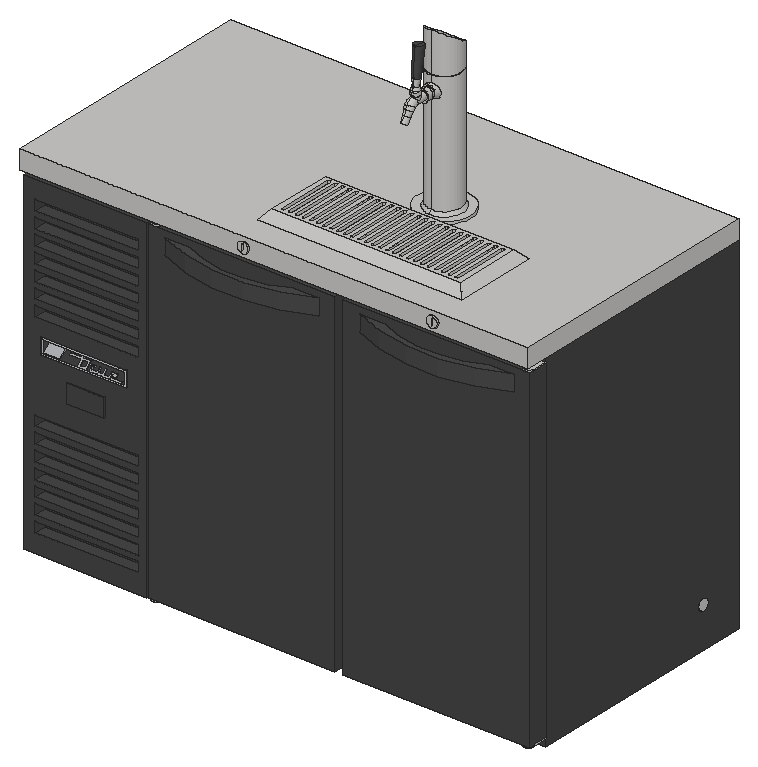
Revit family "QF_TRUE_TDR48-RISZ1-L-B-SS-1", category Specialty Equipment, Revit 2016 (continued)
Definition of nested family "TDR48-RISZ1-L-B-SS-1"
  Lines and regions (in)
    symbolic lines
      curve 141: arc (36.38847, -20.907, 0) -> (36.2166, -21.07887, 0) -> (36.04472, -20.907, 0) r 0.17187
      curve 142: line (36.70097, -20.907, 0) -> (36.70097, -15.64166, 0)
      curve 143: arc (36.70097, -15.64166, 0) -> (36.87285, -15.46978, 0) -> (37.04472, -15.64166, 0) r 0.17187
      curve 144: line (37.04472, -15.64166, 0) -> (37.04472, -20.907, 0)
      curve 145: arc (37.04472, -20.907, 0) -> (36.87285, -21.07887, 0) -> (36.70097, -20.907, 0) r 0.17187
      curve 146: line (37.70097, -15.64166, 0) -> (37.70097, -20.907, 0)
      curve 147: arc (37.70097, -20.907, 0) -> (37.5291, -21.07887, 0) -> (37.35722, -20.907, 0) r 0.17187
      curve 148: line (37.35722, -20.907, 0) -> (37.35722, -15.64166, 0)
      curve 149: arc (37.35722, -15.64166, 0) -> (37.5291, -15.46978, 0) -> (37.70097, -15.64166, 0) r 0.17187
      curve 150: line (38.01347, -15.64166, 0) -> (38.01347, -20.907, 0)
      curve 151: arc (38.01347, -20.907, 0) -> (38.18535, -21.07887, 0) -> (38.35722, -20.907, 0) r 0.17187
      curve 152: line (38.35722, -20.907, 0) -> (38.35722, -15.64166, 0)
      curve 153: arc (38.35722, -15.64166, 0) -> (38.18535, -15.46978, 0) -> (38.01347, -15.64166, 0) r 0.17187
      curve 154: line (20.34983, -22.2153, 0) -> (39.65017, -22.2153, 0)
      curve 297: line (29.61004, -14.80115, 0) -> (29.61004, -15.01934, 0)
      curve 298: line (30.38996, -14.80115, 0) -> (30.38996, -15.01934, 0)
    symbolic lines, not visible
      curve 155: circle (20.96875, -12.11522, 0) r 1.55031 normal (0, 0, 1)
      curve 156: arc (21.61223, -13.73606, 0) -> (20.96875, -10.37132, 0) -> (20.32527, -13.73606, 0) r 1.7439
      curve 157: arc (21.5436, -14.54197, 0) -> (20.96875, -9.62132, 0) -> (20.3939, -14.54197, 0) r 2.4939
      curve 158: line (20.38021, -13.94112, 0) -> (21.55729, -13.94112, 0)
      curve 159: line (21.55729, -13.94112, 0) -> (21.67702, -13.49428, 0)
      curve 160: line (20.38021, -13.94112, 0) -> (20.26048, -13.49428, 0)
      curve 161: line (20.52237, -14.24379, 0) -> (20.52237, -13.94112, 0)
      curve 162: line (21.41513, -14.24379, 0) -> (21.41513, -13.94112, 0)
      curve 163: line (20.42011, -14.24379, 0) -> (21.51739, -14.24379, 0)
      curve 164: line (21.51739, -14.24379, 0) -> (21.55729, -14.69763, 0)
      curve 165: line (21.55729, -14.69763, 0) -> (20.38021, -14.69763, 0)
      curve 166: line (20.38021, -14.69763, 0) -> (20.42011, -14.24379, 0)
      curve 167: circle (20.96875, -15.14453, 0) r 0.45209 normal (0, 0, 1)
      curve 168: line (20.57246, -15.54083, 0) -> (20.57246, -16.26395, 0)
      curve 169: line (21.36504, -15.54083, 0) -> (21.36504, -16.26395, 0)
      curve 170: arc (20.57246, -16.26395, 0) -> (20.96875, -16.66024, 0) -> (21.36504, -16.26395, 0) r 0.39629
      curve 171: arc (20.66949, -16.52374, 0) -> (20.96875, -16.823, 0) -> (21.26801, -16.52374, 0) r 0.29926
      curve 172: line (20.68604, -16.82069, 0) -> (20.68604, -16.6219, 0)
      curve 173: line (21.25146, -16.82069, 0) -> (21.25146, -16.6219, 0)
      curve 174: arc (21.25146, -16.82069, 0) -> (20.96875, -17.10339, 0) -> (20.68604, -16.82069, 0) r 0.28271
      curve 175: arc (21.3439, -15.41312, 0) -> (20.96875, -15.93712, 0) -> (20.5936, -15.41312, 0) r 0.39629
      curve 176: line (20.65805, -15.55736, 0) -> (20.556, -15.32898, 0)
      curve 177: line (21.27945, -15.55736, 0) -> (21.3815, -15.32898, 0)
      curve 178: arc (21.27945, -15.55736, 0) -> (20.96875, -15.75883, 0) -> (20.65805, -15.55736, 0) r 0.34031
      curve 179: line (11.31858, -22.11177, 0) -> (11.31858, -14.26103, 0)
      curve 180: line (11.31858, -14.26103, 0) -> (19.69789, -14.26103, 0)
      curve 181: line (30.61892, -22.11177, 0) -> (30.61892, -14.26103, 0)
      curve 182: line (30.61892, -14.26103, 0) -> (22.23961, -14.26103, 0)
      curve 183: line (29.86892, -15.01103, 0) -> (29.86892, -21.36177, 0)
      curve 184: line (29.86892, -21.36177, 0) -> (12.06858, -21.36177, 0)
      curve 185: line (12.06858, -21.36177, 0) -> (12.06858, -15.01103, 0)
      curve 186: line (12.06858, -15.01103, 0) -> (20.53682, -15.01103, 0)
      curve 187: line (29.86892, -15.01103, 0) -> (21.40068, -15.01103, 0)
      curve 188: line (12.06858, -15.01103, 0) -> (11.31858, -14.26103, 0)
      curve 189: line (29.86892, -15.01103, 0) -> (30.61892, -14.26103, 0)
      curve 190: line (29.86892, -21.36177, 0) -> (30.61892, -22.11177, 0)
      curve 191: line (12.06858, -21.36177, 0) -> (11.31858, -22.11177, 0)
      curve 192: line (12.91972, -15.53813, 0) -> (12.91972, -20.80347, 0)
      curve 193: arc (12.91972, -20.80347, 0) -> (12.74785, -20.97534, 0) -> (12.57597, -20.80347, 0) r 0.17187
      curve 194: line (12.57597, -20.80347, 0) -> (12.57597, -15.53813, 0)
      curve 195: arc (12.57597, -15.53813, 0) -> (12.74785, -15.36625, 0) -> (12.91972, -15.53813, 0) r 0.17187
      curve 196: line (13.23222, -15.53813, 0) -> (13.23222, -20.80347, 0)
      curve 197: arc (13.23222, -20.80347, 0) -> (13.4041, -20.97534, 0) -> (13.57597, -20.80347, 0) r 0.17187
      curve 198: line (13.57597, -20.80347, 0) -> (13.57597, -15.53813, 0)
      curve 199: arc (13.57597, -15.53813, 0) -> (13.4041, -15.36625, 0) -> (13.23222, -15.53813, 0) r 0.17187
      curve 200: line (13.88847, -20.80347, 0) -> (13.88847, -15.53813, 0)
      curve 201: arc (13.88847, -15.53813, 0) -> (14.06035, -15.36625, 0) -> (14.23222, -15.53813, 0) r 0.17187
      curve 202: line (14.23222, -15.53813, 0) -> (14.23222, -20.80347, 0)
      curve 203: arc (14.23222, -20.80347, 0) -> (14.06035, -20.97534, 0) -> (13.88847, -20.80347, 0) r 0.17187
      curve 204: line (14.54472, -20.80347, 0) -> (14.54472, -15.53813, 0)
      curve 205: arc (14.54472, -15.53813, 0) -> (14.7166, -15.36625, 0) -> (14.88847, -15.53813, 0) r 0.17187
      curve 206: line (14.88847, -15.53813, 0) -> (14.88847, -20.80347, 0)
      curve 207: arc (14.88847, -20.80347, 0) -> (14.7166, -20.97534, 0) -> (14.54472, -20.80347, 0) r 0.17187
      curve 208: line (15.20097, -20.80347, 0) -> (15.20097, -15.53813, 0)
      curve 209: arc (15.20097, -15.53813, 0) -> (15.37285, -15.36625, 0) -> (15.54472, -15.53813, 0) r 0.17187
      curve 210: line (15.54472, -15.53813, 0) -> (15.54472, -20.80347, 0)
      curve 211: arc (15.54472, -20.80347, 0) -> (15.37285, -20.97534, 0) -> (15.20097, -20.80347, 0) r 0.17187
      curve 212: line (15.85722, -20.80347, 0) -> (15.85722, -15.53813, 0)
      curve 213: arc (15.85722, -15.53813, 0) -> (16.0291, -15.36625, 0) -> (16.20097, -15.53813, 0) r 0.17187
      curve 214: line (16.20097, -15.53813, 0) -> (16.20097, -20.80347, 0)
      curve 215: arc (16.20097, -20.80347, 0) -> (16.0291, -20.97534, 0) -> (15.85722, -20.80347, 0) r 0.17187
      curve 216: line (16.85722, -15.53813, 0) -> (16.85722, -20.80347, 0)
      curve 217: arc (16.85722, -20.80347, 0) -> (16.68535, -20.97534, 0) -> (16.51347, -20.80347, 0) r 0.17187
      curve 218: line (16.51347, -20.80347, 0) -> (16.51347, -15.53813, 0)
      curve 219: arc (16.51347, -15.53813, 0) -> (16.68535, -15.36625, 0) -> (16.85722, -15.53813, 0) r 0.17187
      curve 220: line (17.16972, -15.53813, 0) -> (17.16972, -20.80347, 0)
      curve 221: arc (17.16972, -20.80347, 0) -> (17.3416, -20.97534, 0) -> (17.51347, -20.80347, 0) r 0.17187
      curve 222: line (17.51347, -20.80347, 0) -> (17.51347, -15.53813, 0)
      curve 223: arc (17.51347, -15.53813, 0) -> (17.3416, -15.36625, 0) -> (17.16972, -15.53813, 0) r 0.17187
      curve 224: line (17.82597, -20.80347, 0) -> (17.82597, -15.53813, 0)
      curve 225: arc (17.82597, -15.53813, 0) -> (17.99785, -15.36625, 0) -> (18.16972, -15.53813, 0) r 0.17187
      curve 226: line (18.16972, -15.53813, 0) -> (18.16972, -20.80347, 0)
      curve 227: arc (18.16972, -20.80347, 0) -> (17.99785, -20.97534, 0) -> (17.82597, -20.80347, 0) r 0.17187
      curve 228: line (18.48222, -20.80347, 0) -> (18.48222, -15.53813, 0)
      curve 229: arc (18.48222, -15.53813, 0) -> (18.6541, -15.36625, 0) -> (18.82597, -15.53813, 0) r 0.17187
      curve 230: line (18.82597, -15.53813, 0) -> (18.82597, -20.80347, 0)
      curve 231: arc (18.82597, -20.80347, 0) -> (18.6541, -20.97534, 0) -> (18.48222, -20.80347, 0) r 0.17187
      curve 232: line (19.13847, -20.80347, 0) -> (19.13847, -15.53813, 0)
      curve 233: arc (19.13847, -15.53813, 0) -> (19.31035, -15.36625, 0) -> (19.48222, -15.53813, 0) r 0.17187
      curve 234: line (19.48222, -15.53813, 0) -> (19.48222, -20.80347, 0)
      curve 235: arc (19.48222, -20.80347, 0) -> (19.31035, -20.97534, 0) -> (19.13847, -20.80347, 0) r 0.17187
      curve 236: line (19.79472, -20.80347, 0) -> (19.79472, -15.53813, 0)
      curve 237: arc (19.79472, -15.53813, 0) -> (19.9666, -15.36625, 0) -> (20.13847, -15.53813, 0) r 0.17187
      curve 238: line (20.13847, -15.53813, 0) -> (20.13847, -20.80347, 0)
      curve 239: arc (20.13847, -20.80347, 0) -> (19.9666, -20.97534, 0) -> (19.79472, -20.80347, 0) r 0.17187
      curve 240: line (20.79472, -17.04348, 0) -> (20.79472, -20.80347, 0)
      curve 241: arc (20.79472, -20.80347, 0) -> (20.62285, -20.97534, 0) -> (20.45097, -20.80347, 0) r 0.17187
      curve 242: line (20.45097, -20.80347, 0) -> (20.45097, -15.53813, 0)
      curve 243: arc (20.45097, -15.53813, 0) -> (20.48562, -15.43463, 0) -> (20.57561, -15.37287, 0) r 0.17187
      curve 244: line (21.10722, -17.06716, 0) -> (21.10722, -20.80347, 0)
      curve 245: arc (21.10722, -20.80347, 0) -> (21.2791, -20.97534, 0) -> (21.45097, -20.80347, 0) r 0.17187
      curve 246: line (21.45097, -20.80347, 0) -> (21.45097, -15.53813, 0)
      curve 247: arc (21.45097, -15.53813, 0) -> (21.42549, -15.44807, 0) -> (21.3566, -15.38472, 0) r 0.17187
      curve 248: line (21.76347, -20.80347, 0) -> (21.76347, -15.53813, 0)
      curve 249: arc (21.76347, -15.53813, 0) -> (21.93535, -15.36625, 0) -> (22.10722, -15.53813, 0) r 0.17187
      curve 250: line (22.10722, -15.53813, 0) -> (22.10722, -20.80347, 0)
      curve 251: arc (22.10722, -20.80347, 0) -> (21.93535, -20.97534, 0) -> (21.76347, -20.80347, 0) r 0.17187
      curve 252: line (22.41972, -20.80347, 0) -> (22.41972, -15.53813, 0)
      curve 253: arc (22.41972, -15.53813, 0) -> (22.5916, -15.36625, 0) -> (22.76347, -15.53813, 0) r 0.17187
      curve 254: line (22.76347, -15.53813, 0) -> (22.76347, -20.80347, 0)
      curve 255: arc (22.76347, -20.80347, 0) -> (22.5916, -20.97534, 0) -> (22.41972, -20.80347, 0) r 0.17187
      curve 256: line (23.07597, -20.80347, 0) -> (23.07597, -15.53813, 0)
      curve 257: arc (23.07597, -15.53813, 0) -> (23.24785, -15.36625, 0) -> (23.41972, -15.53813, 0) r 0.17187
      curve 258: line (23.41972, -15.53813, 0) -> (23.41972, -20.80347, 0)
      curve 259: arc (23.41972, -20.80347, 0) -> (23.24785, -20.97534, 0) -> (23.07597, -20.80347, 0) r 0.17187
      curve 260: line (23.73222, -20.80347, 0) -> (23.73222, -15.53813, 0)
      curve 261: arc (23.73222, -15.53813, 0) -> (23.9041, -15.36625, 0) -> (24.07597, -15.53813, 0) r 0.17187
      curve 262: line (24.07597, -15.53813, 0) -> (24.07597, -20.80347, 0)
      curve 263: arc (24.07597, -20.80347, 0) -> (23.9041, -20.97534, 0) -> (23.73222, -20.80347, 0) r 0.17187
      curve 264: line (24.73222, -15.53813, 0) -> (24.73222, -20.80347, 0)
      curve 265: arc (24.73222, -20.80347, 0) -> (24.56035, -20.97534, 0) -> (24.38847, -20.80347, 0) r 0.17187
      curve 266: line (24.38847, -20.80347, 0) -> (24.38847, -15.53813, 0)
      curve 267: arc (24.38847, -15.53813, 0) -> (24.56035, -15.36625, 0) -> (24.73222, -15.53813, 0) r 0.17187
      curve 268: line (25.04472, -15.53813, 0) -> (25.04472, -20.80347, 0)
      curve 269: arc (25.04472, -20.80347, 0) -> (25.2166, -20.97534, 0) -> (25.38847, -20.80347, 0) r 0.17187
      curve 270: line (25.38847, -20.80347, 0) -> (25.38847, -15.53813, 0)
      curve 271: arc (25.38847, -15.53813, 0) -> (25.2166, -15.36625, 0) -> (25.04472, -15.53813, 0) r 0.17187
      curve 272: line (25.70097, -20.80347, 0) -> (25.70097, -15.53813, 0)
      curve 273: arc (25.70097, -15.53813, 0) -> (25.87285, -15.36625, 0) -> (26.04472, -15.53813, 0) r 0.17187
      curve 274: line (26.04472, -15.53813, 0) -> (26.04472, -20.80347, 0)
      curve 275: arc (26.04472, -20.80347, 0) -> (25.87285, -20.97534, 0) -> (25.70097, -20.80347, 0) r 0.17187
      curve 276: line (26.35722, -20.80347, 0) -> (26.35722, -15.53813, 0)
      curve 277: arc (26.35722, -15.53813, 0) -> (26.5291, -15.36625, 0) -> (26.70097, -15.53813, 0) r 0.17187
      curve 278: line (26.70097, -15.53813, 0) -> (26.70097, -20.80347, 0)
      curve 279: arc (26.70097, -20.80347, 0) -> (26.5291, -20.97534, 0) -> (26.35722, -20.80347, 0) r 0.17187
      curve 280: line (27.01347, -20.80347, 0) -> (27.01347, -15.53813, 0)
      curve 281: arc (27.01347, -15.53813, 0) -> (27.18535, -15.36625, 0) -> (27.35722, -15.53813, 0) r 0.17187
      curve 282: line (27.35722, -15.53813, 0) -> (27.35722, -20.80347, 0)
      curve 283: arc (27.35722, -20.80347, 0) -> (27.18535, -20.97534, 0) -> (27.01347, -20.80347, 0) r 0.17187
      curve 284: line (27.66972, -20.80347, 0) -> (27.66972, -15.53813, 0)
      curve 285: arc (27.66972, -15.53813, 0) -> (27.8416, -15.36625, 0) -> (28.01347, -15.53813, 0) r 0.17187
      curve 286: line (28.01347, -15.53813, 0) -> (28.01347, -20.80347, 0)
      curve 287: arc (28.01347, -20.80347, 0) -> (27.8416, -20.97534, 0) -> (27.66972, -20.80347, 0) r 0.17187
      curve 288: line (28.66972, -15.53813, 0) -> (28.66972, -20.80347, 0)
      curve 289: arc (28.66972, -20.80347, 0) -> (28.49785, -20.97534, 0) -> (28.32597, -20.80347, 0) r 0.17187
      curve 290: line (28.32597, -20.80347, 0) -> (28.32597, -15.53813, 0)
      curve 291: arc (28.32597, -15.53813, 0) -> (28.49785, -15.36625, 0) -> (28.66972, -15.53813, 0) r 0.17187
      curve 292: line (28.98222, -15.53813, 0) -> (28.98222, -20.80347, 0)
      curve 293: arc (28.98222, -20.80347, 0) -> (29.1541, -20.97534, 0) -> (29.32597, -20.80347, 0) r 0.17187
      curve 294: line (29.32597, -20.80347, 0) -> (29.32597, -15.53813, 0)
      curve 295: arc (29.32597, -15.53813, 0) -> (29.1541, -15.36625, 0) -> (28.98222, -15.53813, 0) r 0.17187
      curve 296: line (11.31858, -22.11177, 0) -> (30.61892, -22.11177, 0)
      curve 299: line (20.57879, -14.69763, 0) -> (20.57879, -14.91581, 0)
      curve 300: line (21.35871, -14.69763, 0) -> (21.35871, -14.91581, 0)
  Dimensions and locks (in)
    equal spacing: plane 3 "LEFT", plane 7 "Center Y", plane 4 "RIGHT"
    "Length": plane 3 "LEFT" to plane 4 "RIGHT"
    equal spacing: plane 5 "FRONT", plane 8 "Center X", plane 1 "BACK"
    "Depth": plane 5 "FRONT" to plane 1 "BACK"
    "Height": plane 6 "TOP" to level
    plane 3 "LEFT" to plane 4 "RIGHT" = 48"
    plane 6 "TOP" to plane 9 = 1 3/4"
    plane 10 to plane 2 = 25/32"
    plane 11 to plane 10 = 31 11/16"
    plane 6 "TOP" to plane 11 = 2 7/32"
    plane 12 to plane 1 "BACK" = 41 19/32"
    plane 5 "FRONT" to plane 1 "BACK" = 26 3/8"
    plane 13 to plane 1 "BACK" = 24 27/32"
    Extrusion 4 to plane 1 "BACK" = 24 21/32"
    plane 14 to plane 1 "BACK" = 24 21/32"
    plane 3 "LEFT" to Extrusion 10 sketch curve = 16 3/4"
    Extrusion 10 sketch curve to plane 1 "BACK" = 4 31/32"
    Extrusion 10 sketch curve to plane 4 "RIGHT" = 7 3/4"
    Extrusion 10 sketch curve to plane 1 "BACK" = 4 11/32"
    Extrusion 11 sketch curve to plane 2 = 3 31/32"
    Extrusion 11 sketch curve to plane 1 "BACK" = 4 5/16"
    Extrusion 4 to Extrusion 4 = 11 19/32"
    plane 1 "BACK" to plane 13 = 24 27/32"
    Extrusion 16 sketch curve to plane 3 "LEFT" = 6"
    plane 2 to Extrusion 16 sketch curve = 18 1/2"
    plane 15 to plane 6 "TOP" = 15 3/4"
    aligned and locked: level to plane 2
  Automatic sketch dimensions
    Extrusion 1 sketch curve to plane 9 = 0"
    Extrusion 1 sketch curve to plane 13 = 0"
    Extrusion 1 sketch curve to plane 1 "BACK" = 0"
    Extrusion 1 sketch curve to plane 6 "TOP" = 0"
    Extrusion 2 sketch curve to level = 0"
    Extrusion 2 sketch curve to plane 3 "LEFT" = 0"
    Extrusion 2 sketch curve to plane 10 = 0"
    Extrusion 2 sketch curve to plane 11 = 0"
    plane 4 "RIGHT" to Extrusion 2 sketch curve = 0"
    Extrusion 2 sketch curve to plane 9 = 0"
    plane 3 "LEFT" to Extrusion 2 sketch curve = 12"
    plane 4 "RIGHT" to Extrusion 2 sketch curve = 1/8"
    Extrusion 3 sketch curve to Extrusion 2 = 0"  (x3)
    Extrusion 2 to Extrusion 3 sketch curve = 0"
    Extrusion 4 sketch curve to Extrusion 2 = 0"  (x2)
    Extrusion 4 sketch curve to Extrusion 2 = 13/64"  (x2)
    Extrusion 4 sketch curve to Extrusion 2 = 1.28286"  (x4)
    Extrusion 4 sketch curve to Extrusion 4 sketch curve = 0"  (x20)
    Extrusion 4 sketch curve to Extrusion 2 = 0.96714"  (x4)
    Extrusion 2 to Extrusion 4 sketch curve = 1.78584"
    Extrusion 4 sketch curve to Extrusion 4 sketch curve = 1"  (x14)
    Extrusion 4 sketch curve to Extrusion 4 sketch curve = 1/2"  (x12)
    Extrusion 4 sketch curve to Extrusion 4 sketch curve = 8 1/4"
    Extrusion 5 sketch curve to Extrusion 2 = 0"  (x6)
    Extrusion 5 sketch curve to Extrusion 5 sketch curve = 3/4"
    Extrusion 5 to Extrusion 6 sketch curve = 0"  (x2)
    Extrusion 6 sketch curve to Extrusion 5 = 0"  (x2)
    Extrusion 6 sketch curve to Extrusion 5 = 16.82456"
    Extrusion 6 sketch curve to Extrusion 6 sketch curve = 2.2704"  (x2)
    Extrusion 6 sketch curve to Extrusion 5 = 9 9/16"
    Extrusion 6 sketch curve to Extrusion 6 sketch curve = 0"  (x2)
    Extrusion 5 to Extrusion 6 sketch curve = 1.55044"
    Extrusion 5 to Extrusion 6 sketch curve = 8 13/16"
    Extrusion 6 sketch curve to Extrusion 5 = 7.46414"  (x2)
    Extrusion 6 sketch curve to Extrusion 6 sketch curve = 4.86923"  (x2)
    Extrusion 4 to Extrusion 7 sketch curve = 3.08176"
    Extrusion 4 to Extrusion 7 sketch curve = 3.16824"
    Extrusion 7 sketch curve to Extrusion 4 = 2.05764"
    Extrusion 7 sketch curve to Extrusion 7 sketch curve = 1 3/4"
    Extrusion 8 sketch curve to Extrusion 1 = 0.53256"  (x2)
    Extrusion 8 sketch curve to Extrusion 8 sketch curve = 0.31172"  (x2)
    Extrusion 8 sketch curve to Extrusion 8 sketch curve = 0.33003"  (x2)
    Extrusion 1 to Extrusion 8 sketch curve = 8.89375"
    Extrusion 8 sketch curve to Extrusion 8 sketch curve = 0.07707"  (x2)
    Extrusion 8 sketch curve to Extrusion 8 sketch curve = 0.1397"  (x2)
    Extrusion 8 sketch curve to Extrusion 8 sketch curve = 17.76655"
    Extrusion 9 sketch curve to Extrusion 2 = 1.28286"  (x4)
    Extrusion 9 sketch curve to Extrusion 9 sketch curve = 0"  (x20)
    Extrusion 9 sketch curve to Extrusion 2 = 0.96714"  (x4)
    Extrusion 2 to Extrusion 9 sketch curve = 1.78584"
    Extrusion 9 sketch curve to Extrusion 9 sketch curve = 1"  (x14)
    Extrusion 9 sketch curve to Extrusion 9 sketch curve = 1/2"  (x12)
    Extrusion 9 sketch curve to Extrusion 9 sketch curve = 8 1/4"
    Extrusion 2 to Extrusion 10 sketch curve = 8 1/4"
    Extrusion 12 sketch curve to Extrusion 5 = 0"  (x2)
    Extrusion 5 to Extrusion 12 sketch curve = 0"
    Extrusion 5 to Extrusion 12 sketch curve = 0.44506"
    Extrusion 5 to Extrusion 12 sketch curve = 0.32171"  (x2)
    Extrusion 12 sketch curve to Extrusion 12 sketch curve = 0.42562"  (x2)
    Extrusion 5 to Extrusion 12 sketch curve = 1.35513"
    Extrusion 5 to Extrusion 12 sketch curve = 17.01987"
    Extrusion 12 sketch curve to Extrusion 12 sketch curve = 0.48444"
    Extrusion 12 sketch curve to Extrusion 12 sketch curve = 1.35513"
    Extrusion 13 sketch curve to Extrusion 5 = 0"  (x3)
    Extrusion 13 sketch curve to Extrusion 5 = 0.45183"  (x2)
    Extrusion 13 sketch curve to Extrusion 5 = 0.32171"  (x2)
    Extrusion 5 to Extrusion 13 sketch curve = 0.44506"
    Extrusion 13 sketch curve to Extrusion 13 sketch curve = 1.35513"
    Extrusion 13 sketch curve to Extrusion 5 = 17.01987"
    Extrusion 13 sketch curve to Extrusion 13 sketch curve = 0.48444"
    Extrusion 13 sketch curve to Extrusion 13 sketch curve = 0.42562"
    Extrusion 14 sketch curve to Extrusion 5 = 0"  (x4)
    Extrusion 5 to Extrusion 14 sketch curve = 0.08547"  (x2)
    Extrusion 14 sketch curve to Extrusion 14 sketch curve = 16.85203"  (x2)
    Extrusion 14 sketch curve to Extrusion 14 sketch curve = 3/4"
    Extrusion 14 sketch curve to Extrusion 14 sketch curve = 16.86877"
    curve 3 to plane 3 "LEFT" = 0"
    plane 12 to curve 9 = 8.15555"
    plane 14 to curve 10 = 3/16"
    curve 7 to plane 13 = 0"  (x2)
    curve 8 to plane 13 = 0"  (x2)
    plane 14 to curve 9 = 3/16"
    plane 14 to curve 11 = 3/16"
    curve 6 to plane 13 = 0"  (x2)
    curve 5 to plane 13 = 0"  (x2)
    curve 4 to plane 4 "RIGHT" = 0"
    curve 3 to plane 13 = 0"
    plane 14 to curve 12 = 3/16"
    plane 1 "BACK" to curve 2 = 0"
    plane 14 to curve 9 = 0.08547"
    curve 9 to plane 7 "Center Y" = 11.24377"
    curve 8 to plane 7 "Center Y" = 3 3/16"
    curve 7 to plane 7 "Center Y" = 3 3/16"
    plane 7 "Center Y" to curve 12 = 8.78922"
    curve 5 to plane 8 "Center X" = 2.09836"
    plane 4 "RIGHT" to curve 5 = 8 13/16"
    curve 6 to curve 5 = 0"
    plane 14 to curve 11 = 0.08547"
    plane 4 "RIGHT" to curve 11 = 0.75623"
    plane 5 "FRONT" to curve 12 = 7.0632"
    curve 8 to plane 8 "Center X" = 2.09836"
    plane 8 "Center X" to curve 6 = 2.77087"
    plane 8 "Center X" to curve 7 = 2.77087"
    curve 10 to curve 9 = 0.43147"
    curve 9 to curve 7 = 1.17423"
    curve 7 to curve 8 = 2.25953"
    curve 11 to curve 6 = 1.93037"
    curve 6 to curve 5 = 2.25953"
    curve 10 to curve 11 = 5.57844"
    plane 4 "RIGHT" to curve 12 = 0.32476"
    Extrusion 15 sketch curve to Extrusion 2 = 0"
    Extrusion 2 to Extrusion 15 sketch curve = 0"
    Extrusion 15 sketch curve to Extrusion 2 = 1 1/32"
    Extrusion 2 to Extrusion 15 sketch curve = 18 21/32"
    Extrusion 16 sketch curve to Extrusion 16 sketch curve = 0"
    Extrusion 2 to Extrusion 16 sketch curve = 14 15/32"
    Extrusion 16 sketch curve to Extrusion 16 sketch curve = 3 3/4"
    Revolve 17 sketch curve to Revolve 17 sketch curve = 0"  (x2)
    Revolve 17 sketch curve to Revolve 17 sketch curve = 0.1161"
    Revolve 17 sketch curve to Revolve 17 sketch curve = 0.12521"
    Revolve 17 sketch curve to Revolve 17 sketch curve = 3.71859"
    Revolve 17 sketch curve to Revolve 17 sketch curve = 0.04988"
    Revolve 17 sketch curve to Revolve 17 sketch curve = 2.20608"
    Blend 18 sketch curve to Blend 18 sketch curve = 7.85075"
    Blend 18 sketch curve to Blend 18 sketch curve = 6.35075"
    Revolve 17 sketch curve to Revolve 17 sketch curve = 0.33531"
    Revolve 17 sketch curve to Revolve 17 sketch curve = 11.35384"
    Extrusion 19 sketch curve to Blend 18 = 0.54295"
    Extrusion 19 sketch curve to Extrusion 19 sketch curve = 11/64"  (x26)
    Extrusion 19 sketch curve to Extrusion 19 sketch curve = 5/16"  (x25)
    Extrusion 19 sketch curve to Blend 18 = 0.5583"
    Extrusion 19 sketch curve to Extrusion 19 sketch curve = 0"  (x50)
    Extrusion 19 sketch curve to Blend 18 = 0.5271"
    Revolve 21 sketch curve to Revolve 21 sketch curve = 0.45383"
    Revolve 21 sketch curve to Revolve 21 sketch curve = 0.30267"
    Revolve 21 sketch curve to Revolve 21 sketch curve = 0.7136"
    Revolve 21 sketch curve to Revolve 21 sketch curve = 0.44638"
    Revolve 21 sketch curve to Revolve 21 sketch curve = 0.10226"
    Revolve 21 sketch curve to Revolve 21 sketch curve = 0.0399"
    Revolve 21 sketch curve to Revolve 21 sketch curve = 0.14216"
    Revolve 21 sketch curve to Revolve 21 sketch curve = 0.21108"
    Sweep 22 sketch curve to Sweep 22 sketch curve = 0.36485"
    Sweep 22 sketch curve to Sweep 22 sketch curve = 0.15173"
    Sweep 22 sketch curve to Sweep 22 sketch curve = 1.09705"
    Sweep 22 sketch curve to profile plane = 0"  (x2)
    Revolve 23 sketch curve to Revolve 23 sketch curve = 0.24452"
    Revolve 23 sketch curve to Revolve 23 sketch curve = 0.08151"
    Revolve 23 sketch curve to Revolve 23 sketch curve = 0"  (x2)
    Revolve 24 sketch curve to Revolve 24 sketch curve = 0.0378"
    Revolve 24 sketch curve to Revolve 24 sketch curve = 0.07821"  (x2)
    Revolve 24 sketch curve to Revolve 24 sketch curve = 0.31808"
    Revolve 24 sketch curve to Revolve 24 sketch curve = 0.35985"
    Revolve 24 sketch curve to Revolve 24 sketch curve = 0.06546"
    Revolve 24 sketch curve to Revolve 24 sketch curve = 1/4"
    Revolve 24 sketch curve to Revolve 24 sketch curve = 0"
    Revolve 24 sketch curve to Revolve 24 sketch curve = 0.15886"
    Revolve 24 sketch curve to Revolve 24 sketch curve = 0.05098"
    Revolve 25 sketch curve to Revolve 25 sketch curve = 0.13605"
    Revolve 25 sketch curve to Revolve 25 sketch curve = 0.01692"
    Revolve 25 sketch curve to Revolve 25 sketch curve = 0.1398"
    Revolve 25 sketch curve to Revolve 25 sketch curve = 0.06683"
    Revolve 25 sketch curve to Revolve 25 sketch curve = 0.24021"
    Revolve 25 sketch curve to Revolve 25 sketch curve = 0.16424"
    Revolve 25 sketch curve to Revolve 25 sketch curve = 0.44941"
    Revolve 25 sketch curve to Revolve 25 sketch curve = 0.0143"
    Revolve 25 sketch curve to Revolve 25 sketch curve = 0.27357"
    Revolve 25 sketch curve to Revolve 25 sketch curve = 0.01543"
    Revolve 25 sketch curve to Revolve 25 sketch curve = 0.01213"
    Revolve 25 sketch curve to Revolve 25 sketch curve = 0"  (x2)
    Revolve 25 sketch curve to Revolve 25 sketch curve = 0.11538"
    Revolve 17 sketch curve to Revolve 17 sketch curve = 3/4"
    Revolve 17 sketch curve to Revolve 17 sketch curve = 0.19359"
    Revolve 17 sketch curve to Revolve 17 sketch curve = 1.55031"
    Revolve 17 sketch curve to Revolve 17 sketch curve = 0.21704"
    Blend 18 sketch curve to Blend 18 sketch curve = 19.30033"
    Blend 18 sketch curve to Blend 18 sketch curve = 17.80033"
    Revolve 21 sketch curve to Revolve 21 sketch curve = 68.08657"
    Revolve 21 sketch curve to Revolve 21 sketch curve = 100.7997"
    Revolve 21 sketch curve to Revolve 21 sketch curve = 0"
    Sweep 22 sketch curve to Sweep 22 sketch curve = 0.21065"
    Sweep 22 sketch curve to Sweep 22 sketch curve = 0.26281"
    Revolve 23 sketch curve to Revolve 23 sketch curve = 0.29675"
    Revolve 23 sketch curve to Revolve 23 sketch curve = 0.00598"
    Revolve 23 sketch curve to Revolve 23 sketch curve = 0.29779"
    Revolve 23 sketch curve to Revolve 23 sketch curve = 0.14117"  (x2)
    Revolve 25 sketch curve to Revolve 25 sketch curve = 0.05569"
    Revolve 26 sketch curve to Revolve 26 sketch curve = 0"  (x2)
    Revolve 26 sketch curve to Revolve 26 sketch curve = 0.1161"
    Revolve 26 sketch curve to Revolve 26 sketch curve = 0.12521"
    Revolve 26 sketch curve to Revolve 26 sketch curve = 3.71859"
    Revolve 26 sketch curve to Revolve 26 sketch curve = 0.04988"
    Revolve 26 sketch curve to Revolve 26 sketch curve = 2.20608"
    Blend 27 sketch curve to Blend 27 sketch curve = 7.85075"
    Blend 27 sketch curve to Blend 27 sketch curve = 6.35075"
    Revolve 26 sketch curve to Revolve 26 sketch curve = 0.33531"
    Revolve 26 sketch curve to Revolve 26 sketch curve = 11.35384"
    Extrusion 28 sketch curve to Blend 27 = 0.54295"
    Extrusion 28 sketch curve to Extrusion 28 sketch curve = 11/64"  (x26)
    Extrusion 28 sketch curve to Extrusion 28 sketch curve = 5/16"  (x25)
    Extrusion 28 sketch curve to Blend 27 = 0.5583"
    Extrusion 28 sketch curve to Extrusion 28 sketch curve = 0"  (x50)
    Extrusion 28 sketch curve to Blend 27 = 0.5271"
    Revolve 30 sketch curve to Revolve 30 sketch curve = 0.45383"
    Revolve 30 sketch curve to Revolve 30 sketch curve = 0.30267"
    Revolve 30 sketch curve to Revolve 30 sketch curve = 0.7136"
    Revolve 30 sketch curve to Revolve 30 sketch curve = 0.44638"
    Revolve 30 sketch curve to Revolve 30 sketch curve = 0.10226"
    Revolve 30 sketch curve to Revolve 30 sketch curve = 0.0399"
    Revolve 30 sketch curve to Revolve 30 sketch curve = 0.14216"
    Revolve 30 sketch curve to Revolve 30 sketch curve = 0.21108"
    Sweep 31 sketch curve to Sweep 31 sketch curve = 0.36485"
    Sweep 31 sketch curve to Sweep 31 sketch curve = 0.15173"
    Sweep 31 sketch curve to Sweep 31 sketch curve = 1.09705"
    Sweep 31 sketch curve to profile plane = 0"  (x2)
    Revolve 32 sketch curve to Revolve 32 sketch curve = 0.24452"
    Revolve 32 sketch curve to Revolve 32 sketch curve = 0.08151"
    Revolve 32 sketch curve to Revolve 32 sketch curve = 0"  (x2)
    Revolve 33 sketch curve to Revolve 33 sketch curve = 0.0378"
    Revolve 33 sketch curve to Revolve 33 sketch curve = 0.07821"  (x2)
    Revolve 33 sketch curve to Revolve 33 sketch curve = 0.31808"
    Revolve 33 sketch curve to Revolve 33 sketch curve = 0.35985"
    Revolve 33 sketch curve to Revolve 33 sketch curve = 0.06546"
    Revolve 33 sketch curve to Revolve 33 sketch curve = 1/4"
    Revolve 33 sketch curve to Revolve 33 sketch curve = 0"
    Revolve 33 sketch curve to Revolve 33 sketch curve = 0.15886"
    Revolve 33 sketch curve to Revolve 33 sketch curve = 0.05098"
    Revolve 34 sketch curve to Revolve 34 sketch curve = 0.13605"
    Revolve 34 sketch curve to Revolve 34 sketch curve = 0.01692"
    Revolve 34 sketch curve to Revolve 34 sketch curve = 0.1398"
    Revolve 34 sketch curve to Revolve 34 sketch curve = 0.06683"
    Revolve 34 sketch curve to Revolve 34 sketch curve = 0.24021"
    Revolve 34 sketch curve to Revolve 34 sketch curve = 0.16424"
    Revolve 34 sketch curve to Revolve 34 sketch curve = 0.44941"
    Revolve 34 sketch curve to Revolve 34 sketch curve = 0.0143"
    Revolve 34 sketch curve to Revolve 34 sketch curve = 0.27357"
    Revolve 34 sketch curve to Revolve 34 sketch curve = 0.01543"
    Revolve 34 sketch curve to Revolve 34 sketch curve = 0.01213"
    Revolve 34 sketch curve to Revolve 34 sketch curve = 0"  (x2)
    Revolve 34 sketch curve to Revolve 34 sketch curve = 0.11538"
    Revolve 26 sketch curve to Revolve 26 sketch curve = 3/4"
    Revolve 26 sketch curve to Revolve 26 sketch curve = 0.19359"
    Revolve 26 sketch curve to Revolve 26 sketch curve = 1.55031"
    Revolve 26 sketch curve to Revolve 26 sketch curve = 0.21704"
    Blend 27 sketch curve to Blend 27 sketch curve = 19.30033"
    Blend 27 sketch curve to Blend 27 sketch curve = 17.80033"
    Revolve 30 sketch curve to Revolve 30 sketch curve = 68.08657"
    Revolve 30 sketch curve to Revolve 30 sketch curve = 100.7997"
    Revolve 30 sketch curve to Revolve 30 sketch curve = 0"
    Sweep 31 sketch curve to Sweep 31 sketch curve = 0.21065"
    Sweep 31 sketch curve to Sweep 31 sketch curve = 0.26281"
    Revolve 32 sketch curve to Revolve 32 sketch curve = 0.29675"
    Revolve 32 sketch curve to Revolve 32 sketch curve = 0.00598"
    Revolve 32 sketch curve to Revolve 32 sketch curve = 0.29779"
    Revolve 32 sketch curve to Revolve 32 sketch curve = 0.14117"  (x2)
    Revolve 34 sketch curve to Revolve 34 sketch curve = 0.05569"
    curve 13 to curve 14 = 0"  (x3)
    curve 13 to curve 15 = 0"  (x4)
    curve 14 to curve 15 = 0"  (x3)
    curve 37 to curve 49 = 3/4"
    curve 42 to curve 52 = 0.50739"
    curve 51 to curve 51 = 11/64"
    curve 53 to curve 54 = 5/16"
    curve 55 to curve 55 = 11/64"
    curve 55 to curve 58 = 5/16"
    curve 59 to curve 59 = 11/64"
    curve 59 to curve 62 = 5/16"
    curve 65 to curve 65 = 11/64"
    curve 65 to curve 66 = 5/16"
    curve 69 to curve 69 = 11/64"
    curve 68 to curve 70 = 5/16"
    curve 70 to curve 73 = 11/64"
    curve 72 to curve 76 = 5/16"
    curve 76 to curve 75 = 11/64"
    curve 74 to curve 78 = 5/16"
    curve 78 to curve 79 = 11/64"
    curve 80 to curve 82 = 5/16"
    curve 82 to curve 83 = 11/64"
    curve 84 to curve 86 = 5/16"
    curve 87 to curve 87 = 11/64"
    curve 88 to curve 90 = 5/16"
    curve 90 to curve 91 = 11/64"
    curve 92 to curve 94 = 5/16"
    curve 94 to curve 97 = 11/64"
    curve 96 to curve 18 = 0.24174"
    curve 24 to curve 16 = 0"
    curve 16 to curve 24 = 0.0399"
    curve 96 to curve 100 = 5/16"
    curve 100 to curve 26 = 0.12149"
    curve 99 to curve 99 = 11/64"
    curve 26 to curve 101 = 0.05039"
    curve 101 to curve 34 = 0.03521"
    curve 30 to curve 98 = 0.10868"
    curve 36 to curve 33 = 0.3107"
    curve 98 to curve 32 = 0.17403"
    curve 16 to curve 14 = 0.58854"
    curve 36 to curve 33 = 0"
    curve 25 to curve 36 = 0"
    curve 98 to curve 102 = 5/16"
    curve 103 to curve 103 = 11/64"
    curve 105 to curve 27 = 11/128"
    curve 105 to curve 35 = 0.00035"
    curve 25 to curve 21 = 0.54864"
    curve 21 to curve 22 = 0.0399"
    curve 21 to curve 17 = 0.0399"
    curve 104 to curve 106 = 5/16"
    curve 109 to curve 109 = 11/64"
    curve 108 to curve 110 = 5/16"
    curve 111 to curve 111 = 11/64"
    curve 112 to curve 114 = 5/16"
    curve 115 to curve 115 = 11/64"
    curve 115 to curve 118 = 5/16"
    curve 119 to curve 119 = 11/64"
    curve 121 to curve 124 = 5/16"
    curve 123 to curve 123 = 11/64"
    curve 123 to curve 126 = 5/16"
    curve 126 to curve 127 = 11/64"
    curve 128 to curve 130 = 5/16"
    curve 133 to curve 133 = 11/64"
    curve 131 to curve 134 = 5/16"
    curve 134 to curve 135 = 11/64"
    curve 136 to curve 138 = 5/16"
    curve 139 to curve 139 = 11/64"
    curve 139 to curve 142 = 5/16"
    curve 142 to curve 145 = 11/64"
    curve 144 to curve 148 = 5/16"
    curve 149 to curve 149 = 11/64"
    curve 149 to curve 150 = 5/16"
    curve 150 to curve 151 = 11/64"
    curve 152 to curve 47 = 0.54295"
    curve 41 to curve 154 = 3/4"
    curve 39 to curve 42 = 3/4"
    curve 41 to curve 150 = 0.5583"
    curve 130 to curve 151 = 0"
    curve 128 to curve 130 = 0"  (x2)
    curve 148 to curve 151 = 0"
    curve 124 to curve 127 = 0"
    curve 121 to curve 124 = 0"
    curve 117 to curve 118 = 0"
    curve 113 to curve 114 = 0"
    curve 141 to curve 148 = 0"
    curve 109 to curve 110 = 0"
    curve 145 to curve 148 = 0"
    curve 104 to curve 106 = 0"  (x2)
    curve 133 to curve 137 = 0"
    curve 100 to curve 102 = 0"
    curve 42 to curve 50 = 0.5583"
    curve 97 to curve 100 = 0"
    curve 51 to curve 54 = 0"
    curve 93 to curve 97 = 0"
    curve 55 to curve 58 = 0"
    curve 89 to curve 90 = 0"
    curve 61 to curve 62 = 0"
    curve 85 to curve 86 = 0"
    curve 65 to curve 66 = 0"
    curve 80 to curve 85 = 0"
    curve 68 to curve 70 = 0"  (x2)
    curve 72 to curve 76 = 0"
    curve 102 to curve 32 = 3.98278"
    curve 32 to curve 29 = 0.29695"
    curve 29 to curve 28 = 0.25979"
    curve 28 to curve 35 = 0.70659"
    curve 36 to curve 33 = 0.01653"
    curve 34 to curve 86 = 0.01923"
    curve 60 to curve 62 = 0"
    curve 88 to curve 90 = 0"
    curve 57 to curve 58 = 0"
    curve 92 to curve 94 = 0"
    curve 53 to curve 54 = 0"
    curve 63 to curve 66 = 0"
    curve 142 to curve 142 = 5.26534"
    curve 84 to curve 86 = 0"
    curve 34 to curve 100 = 0.01923"
    curve 138 to curve 143 = 0"
    curve 35 to curve 104 = 0.01923"
    curve 135 to curve 138 = 0"
    curve 108 to curve 110 = 0"
    curve 81 to curve 83 = 0"
    curve 112 to curve 114 = 0"
    curve 115 to curve 118 = 0"
    curve 72 to curve 77 = 0"
    curve 119 to curve 122 = 0"
    curve 125 to curve 126 = 0"
    curve 144 to curve 146 = 0"
    curve 149 to curve 150 = 0"
    curve 33 to curve 36 = 0.12231"
    curve 36 to curve 25 = 0.27399"
    curve 152 to curve 47 = 0.5271"
    curve 52 to curve 46 = 0.5271"
    curve 44 to curve 24 = 0.3134"
    curve 41 to curve 47 = 3/4"
    curve 43 to curve 37 = 3/4"
    curve 22 to curve 22 = 0.45383"
    curve 21 to curve 17 = 0.30267"
    curve 19 to curve 15 = 1.8259"
    curve 38 to curve 21 = 0.72222"
    curve 18 to curve 16 = 0.11973"
    curve 14 to curve 16 = 0.05495"
    curve 21 to curve 19 = 0.10226"
    curve 23 to curve 44 = 0.15661"
    curve 34 to curve 101 = 0.01961"
    curve 23 to curve 297 = 0.19858"
    curve 298 to curve 22 = 0.19858"
    curve 105 to curve 35 = 0.02491"
    curve 20 to curve 21 = 0.10226"
    curve 16 to curve 14 = 0.05495"
    curve 26 to curve 101 = 0.0027"
    curve 27 to curve 105 = 0.0027"
    curve 45 to curve 298 = 0.09522"
    curve 16 to curve 14 = 0.20506"
    curve 155 to curve 156 = 0"  (x3)
    curve 155 to curve 157 = 0"  (x4)
    curve 156 to curve 157 = 0"  (x3)
    curve 179 to curve 191 = 3/4"
    curve 184 to curve 194 = 0.50739"
    curve 193 to curve 193 = 11/64"
    curve 195 to curve 196 = 5/16"
    curve 197 to curve 197 = 11/64"
    curve 197 to curve 200 = 5/16"
    curve 201 to curve 201 = 11/64"
    curve 201 to curve 204 = 5/16"
    curve 207 to curve 207 = 11/64"
    curve 207 to curve 208 = 5/16"
    curve 211 to curve 211 = 11/64"
    curve 210 to curve 212 = 5/16"
    curve 212 to curve 215 = 11/64"
    curve 214 to curve 218 = 5/16"
    curve 218 to curve 217 = 11/64"
    curve 216 to curve 220 = 5/16"
    curve 220 to curve 221 = 11/64"
    curve 222 to curve 224 = 5/16"
    curve 224 to curve 225 = 11/64"
    curve 226 to curve 228 = 5/16"
    curve 229 to curve 229 = 11/64"
    curve 230 to curve 232 = 5/16"
    curve 232 to curve 233 = 11/64"
    curve 234 to curve 236 = 5/16"
    curve 236 to curve 239 = 11/64"
    curve 238 to curve 160 = 0.24174"
    curve 166 to curve 158 = 0"
    curve 158 to curve 166 = 0.0399"
    curve 238 to curve 242 = 5/16"
    curve 242 to curve 168 = 0.12149"
    curve 241 to curve 241 = 11/64"
    curve 168 to curve 243 = 0.05039"
    curve 243 to curve 176 = 0.03521"
    curve 172 to curve 240 = 0.10868"
    curve 178 to curve 175 = 0.3107"
    curve 240 to curve 174 = 0.17403"
    curve 158 to curve 156 = 0.58854"
    curve 178 to curve 175 = 0"
    curve 167 to curve 178 = 0"
    curve 240 to curve 244 = 5/16"
    curve 245 to curve 245 = 11/64"
    curve 247 to curve 169 = 11/128"
    curve 247 to curve 177 = 0.00035"
    curve 167 to curve 163 = 0.54864"
    curve 163 to curve 164 = 0.0399"
    curve 163 to curve 159 = 0.0399"
    curve 246 to curve 248 = 5/16"
    curve 251 to curve 251 = 11/64"
    curve 250 to curve 252 = 5/16"
    curve 253 to curve 253 = 11/64"
    curve 254 to curve 256 = 5/16"
    curve 257 to curve 257 = 11/64"
    curve 257 to curve 260 = 5/16"
    curve 261 to curve 261 = 11/64"
    curve 263 to curve 266 = 5/16"
    curve 265 to curve 265 = 11/64"
    curve 265 to curve 268 = 5/16"
    curve 268 to curve 269 = 11/64"
    curve 270 to curve 272 = 5/16"
    curve 275 to curve 275 = 11/64"
    curve 273 to curve 276 = 5/16"
    curve 276 to curve 277 = 11/64"
    curve 278 to curve 280 = 5/16"
    curve 281 to curve 281 = 11/64"
    curve 281 to curve 284 = 5/16"
    curve 284 to curve 287 = 11/64"
    curve 286 to curve 290 = 5/16"
    curve 291 to curve 291 = 11/64"
    curve 291 to curve 292 = 5/16"
    curve 292 to curve 293 = 11/64"
    curve 294 to curve 189 = 0.54295"
    curve 183 to curve 296 = 3/4"
    curve 181 to curve 184 = 3/4"
    curve 183 to curve 292 = 0.5583"
    curve 272 to curve 293 = 0"
    curve 270 to curve 272 = 0"  (x2)
    curve 290 to curve 293 = 0"
    curve 266 to curve 269 = 0"
    curve 263 to curve 266 = 0"
    curve 259 to curve 260 = 0"
    curve 255 to curve 256 = 0"
    curve 283 to curve 290 = 0"
    curve 251 to curve 252 = 0"
    curve 287 to curve 290 = 0"
    curve 246 to curve 248 = 0"  (x2)
    curve 275 to curve 279 = 0"
    curve 242 to curve 244 = 0"
    curve 184 to curve 192 = 0.5583"
    curve 239 to curve 242 = 0"
    curve 193 to curve 196 = 0"
    curve 235 to curve 239 = 0"
    curve 197 to curve 200 = 0"
    curve 231 to curve 232 = 0"
    curve 203 to curve 204 = 0"
    curve 227 to curve 228 = 0"
    curve 207 to curve 208 = 0"
    curve 222 to curve 227 = 0"
    curve 210 to curve 212 = 0"  (x2)
    curve 214 to curve 218 = 0"
    curve 244 to curve 174 = 3.98278"
    curve 174 to curve 171 = 0.29695"
    curve 171 to curve 170 = 0.25979"
    curve 170 to curve 177 = 0.70659"
    curve 178 to curve 175 = 0.01653"
    curve 176 to curve 228 = 0.01923"
    curve 202 to curve 204 = 0"
    curve 230 to curve 232 = 0"
    curve 199 to curve 200 = 0"
    curve 234 to curve 236 = 0"
    curve 195 to curve 196 = 0"
    curve 205 to curve 208 = 0"
    curve 284 to curve 284 = 5.26534"
    curve 226 to curve 228 = 0"
    curve 176 to curve 242 = 0.01923"
    curve 280 to curve 285 = 0"
    curve 177 to curve 246 = 0.01923"
    curve 277 to curve 280 = 0"
    curve 250 to curve 252 = 0"
    curve 223 to curve 225 = 0"
    curve 254 to curve 256 = 0"
    curve 257 to curve 260 = 0"
    curve 214 to curve 219 = 0"
    curve 261 to curve 264 = 0"
    curve 267 to curve 268 = 0"
    curve 286 to curve 288 = 0"
    curve 291 to curve 292 = 0"
    curve 175 to curve 178 = 0.12231"
    curve 178 to curve 167 = 0.27399"
    curve 294 to curve 189 = 0.5271"
    curve 194 to curve 188 = 0.5271"
    curve 186 to curve 166 = 0.3134"
    curve 183 to curve 189 = 3/4"
    curve 185 to curve 179 = 3/4"
    curve 164 to curve 164 = 0.45383"
    curve 163 to curve 159 = 0.30267"
    curve 161 to curve 157 = 1.8259"
    curve 180 to curve 163 = 0.72222"
    curve 160 to curve 158 = 0.11973"
    curve 156 to curve 158 = 0.05495"
    curve 163 to curve 161 = 0.10226"
    curve 165 to curve 186 = 0.15661"
    curve 176 to curve 243 = 0.01961"
    curve 165 to curve 299 = 0.19858"
    curve 300 to curve 164 = 0.19858"
    curve 247 to curve 177 = 0.02491"
    curve 162 to curve 163 = 0.10226"
    curve 158 to curve 156 = 0.05495"
    curve 168 to curve 243 = 0.0027"
    curve 169 to curve 247 = 0.0027"
    curve 187 to curve 300 = 0.09522"
    curve 158 to curve 156 = 0.20506"
    Extrusion 2 to Extrusion 5 sketch curve = 17 5/8"
    Extrusion 20 sketch curve to Extrusion 20 sketch curve = 4.07751"
    Extrusion 20 sketch curve to Extrusion 20 sketch curve = 2.64797"
    Extrusion 29 sketch curve to Extrusion 29 sketch curve = 4.07751"
    Extrusion 29 sketch curve to Extrusion 29 sketch curve = 2.64797"
    radius of Extrusion 8 sketch curve = 1/2"  (x2)
    radius of Extrusion 10 sketch curve = 5/8"
    radius of Extrusion 11 sketch curve = 1/2"
    radius of Extrusion 16 sketch curve = 1/2"
    radius of Sweep 22 sketch curve = 0.38996"
    radius of Sweep 31 sketch curve = 0.38996"
  Nested families (in)
    nested 1: "QF_LOGO_TRUE" at (1.85445, -24.65625, 17.85445), visible <- "Show Logo", type "QF_LOGO_TRUE", detail levels medium+fine
      with Show Logo yes
  Connectors (in)
    electrical at (6, 0.25, 18)
      settings: on cut or joined group of Extrusion 15, Extrusion 16, index 1, voltage 0 V, apparent load 0 VA, apparent load phase1 0 VA, apparent load phase2 0 VA, apparent load phase3 0 VA, power factor 1, load classification none, number of poles 1, system type 31, power factor state 1, is connector primary yes, connector utility no, sub classification motor no, connector description ""
    piping at (39.75, -4.34375, 0), diameter 0.5
      settings: on Extrusion 10, index 2, connector inside diameter 24", connector length 0", flow factor 0, pipe flow 0 GPM, pressure drop 0.00 psi, fitting loss kfactor 0, connector angle 0.00°, fixture units 0, engagement length 0", angle of deflection 0.00°, flow configuration 0, flow direction 0, fitting loss method 0, system type 19, joint type 0, gender type 0, connector reference index -1, connector utility 0, adjustable connector no, is connector primary yes, connector description ""
    piping at (16.75, -4.96875, 0), diameter 1
      settings: on Extrusion 10, index 3, connector inside diameter 24", connector length 0", flow factor 0, pipe flow 0 GPM, pressure drop 0.00 psi, fitting loss kfactor 0, connector angle 0.00°, fixture units 0, engagement length 0", angle of deflection 0.00°, flow configuration 0, flow direction 0, fitting loss method 0, system type 19, joint type 0, gender type 0, connector reference index -1, connector utility 0, adjustable connector no, is connector primary no, connector description ""
    piping at (48.125, -4.3125, 3.96875), diameter 0.5
      settings: on Extrusion 11, index 4, connector inside diameter 24", connector length 0", flow factor 0, pipe flow 0 GPM, pressure drop 0.00 psi, fitting loss kfactor 0, connector angle 0.00°, fixture units 0, engagement length 0", angle of deflection 0.00°, flow configuration 0, flow direction 0, fitting loss method 0, system type 19, joint type 0, gender type 0, connector reference index -1, connector utility 0, adjustable connector no, is connector primary no, connector description ""
  Definition of nested family "QF_LOGO_TRUE"
    Parameters (values of type "QF_LOGO_TRUE")
      Show Logo [instance] = yes
    Reference planes (in)
      plane 1 "Center (Front/Back)": y = 0
      plane 2: z = 0
      plane 3 "Center (Left/Right)": x = 0
    Forms (in)
      Extrusion 1, solid, visible <- "Show Logo"
        sketch origin (-78.34647, 34.76905, -30.51001) x (1, 0, 0) y (0, 0, 1)
          loop
            line (81.15226, 31.65456) -> (81.07353, 31.48573) -> (82.12083, 31.48573)
            arc (82.12083, 31.48573) -> (82.14208, 31.44814) -> (82.12083, 31.41055) r 0.04386
            line (82.12083, 31.41055) -> (81.84767, 30.82478)
            arc (81.84767, 30.82478) -> (81.84531, 30.77052) -> (81.882, 30.73048) r 0.07096
            line (81.882, 30.73048) -> (82.55165, 30.73048)
            arc (82.55165, 30.73048) -> (82.63621, 30.75714) -> (82.69019, 30.82748) r 0.14742
            line (82.69019, 30.82748) -> (82.90515, 31.28847) -> (83.10265, 31.28847)
            arc (83.10265, 31.28847) -> (83.15447, 31.26942) -> (83.14697, 31.21472) r 0.04405
            line (83.14697, 31.21472) -> (82.9671, 30.82899)
            arc (82.9671, 30.82899) -> (82.9699, 30.76493) -> (83.02398, 30.73048) r 0.06943
            line (83.02398, 30.73048) -> (83.6124, 30.73048)
            arc (83.6124, 30.73048) -> (83.65748, 30.74689) -> (83.68147, 30.78844) r 0.07014
            arc (83.68147, 30.78844) -> (83.69845, 30.74745) -> (83.73943, 30.73048) r 0.05796
            line (83.73943, 30.73048) -> (84.112, 30.73048)
            arc (84.112, 30.73048) -> (84.15504, 30.74201) -> (84.18655, 30.77352) r 0.08608
            arc (84.18655, 30.77352) -> (84.20164, 30.7371) -> (84.23806, 30.72202) r 0.0515
            line (84.23806, 30.72202) -> (84.76757, 30.72202)
            arc (84.76757, 30.72202) -> (84.81086, 30.73995) -> (84.8288, 30.78324) r 0.06122
            arc (84.8288, 30.78324) -> (84.86848, 30.74355) -> (84.92269, 30.72903) r 0.10842
            line (84.92269, 30.72903) -> (85.91461, 30.72903) -> (86.02479, 30.91987) -> (85.0243, 30.91987)
            arc (85.0243, 30.91987) -> (84.99669, 30.93902) -> (84.99566, 30.97261) r 0.03732
            line (84.99566, 30.97261) -> (85.01297, 31.00972)
            arc (85.01297, 31.00972) -> (85.03954, 31.04453) -> (85.0813, 31.05774) r 0.07263
            line (85.0813, 31.05774) -> (85.40289, 31.05774)
            arc (85.40289, 31.05774) -> (85.4723, 31.07633) -> (85.52311, 31.12715) r 0.13882
            line (85.52311, 31.12715) -> (85.61625, 31.28847)
            arc (85.61625, 31.28847) -> (85.61625, 31.37458) -> (85.54168, 31.41763) r 0.08611
            line (85.54168, 31.41763) -> (85.20227, 31.41763)
            arc (85.20227, 31.41763) -> (85.11574, 31.40294) -> (85.05538, 31.33923) r 0.13863
            line (85.05538, 31.33923) -> (84.89409, 30.99333)
            arc (84.89409, 30.99333) -> (84.84649, 30.9313) -> (84.77191, 30.90778) r 0.13002
            line (84.77191, 30.90778) -> (84.41984, 30.90778)
            arc (84.41984, 30.90778) -> (84.3777, 30.95378) -> (84.38042, 31.0161) r 0.08151
            line (84.38042, 31.0161) -> (84.56766, 31.41763) -> (84.44849, 31.41763) -> (84.25012, 30.99222)
            arc (84.25012, 30.99222) -> (84.21158, 30.94199) -> (84.15119, 30.92296) r 0.10527
            line (84.15119, 30.92296) -> (83.90842, 30.92296)
            arc (83.90842, 30.92296) -> (83.8674, 30.97642) -> (83.87619, 31.04323) r 0.08805
            line (83.87619, 31.04323) -> (84.05078, 31.41763) -> (83.92772, 31.41763) -> (83.72676, 30.98668)
            arc (83.72676, 30.98668) -> (83.68011, 30.94003) -> (83.61639, 30.92296) r 0.12745
            line (83.61639, 30.92296) -> (83.26484, 30.92296)
            arc (83.26484, 30.92296) -> (83.2017, 30.9524) -> (83.19563, 31.0218) r 0.06967
            line (83.19563, 31.0218) -> (83.31118, 31.26961) -> (83.47452, 31.26961)
            arc (83.47452, 31.26961) -> (83.50209, 31.35268) -> (83.56075, 31.41763) r 0.21289
            line (83.56075, 31.41763) -> (82.92244, 31.41763)
            arc (82.92244, 31.41763) -> (82.85151, 31.40191) -> (82.80242, 31.34834) r 0.12081
            line (82.80242, 31.34834) -> (82.6294, 30.9773)
            arc (82.6294, 30.9773) -> (82.58962, 30.93752) -> (82.53528, 30.92296) r 0.10869
            line (82.53528, 30.92296) -> (82.1542, 30.92296)
            arc (82.1542, 30.92296) -> (82.12446, 30.96315) -> (82.13012, 31.01283) r 0.06822
            line (82.13012, 31.01283) -> (82.38156, 31.48573) -> (83.01596, 31.48573) -> (83.09469, 31.65456) -> (82.46029, 31.65456) -> (82.53902, 31.8234) -> (82.31334, 31.8234) -> (82.23461, 31.65456) -> (81.15226, 31.65456)
          loop
            arc (85.15937, 31.26434) -> (85.13191, 31.25698) -> (85.1118, 31.23688) r 0.05494
            line (85.1118, 31.23688) -> (85.09547, 31.18665)
            arc (85.09547, 31.18665) -> (85.10304, 31.16837) -> (85.12133, 31.16079) r 0.02586
            line (85.12133, 31.16079) -> (85.39889, 31.16079)
            arc (85.39889, 31.16079) -> (85.41888, 31.16523) -> (85.43513, 31.1777) r 0.04731
            line (85.43513, 31.1777) -> (85.44863, 31.2402)
            arc (85.44863, 31.2402) -> (85.44466, 31.25693) -> (85.42914, 31.26434) r 0.01994
            line (85.42914, 31.26434) -> (85.15937, 31.26434)
          loop
            line (78.62961, 30.74125) -> (80.12032, 30.74125) -> (80.73891, 31.81268) -> (79.2482, 31.81268) -> (78.62961, 30.74125)
        from 34.76797 to 34.83173
      Extrusion 2, solid, visible <- "Show Logo"
        sketch origin (-142.84857, 34.75108, -33.3546) x (1, 0, 0) y (0, 0, 1)
          loop
            line (150.81107, 34.71978) -> (142.98607, 34.71978) -> (142.98607, 33.4921) -> (150.81107, 33.4921) -> (150.81107, 34.71978)
        from 34.75108 to 34.78125
      Extrusion 3, solid, visible <- "Show Logo"
        sketch origin (-142.84857, 34.75108, -33.3546) x (1, 0, 0) y (0, 0, 1)
          loop
            line (150.94857, 34.85727) -> (142.84857, 34.85727) -> (142.84857, 33.3546) -> (150.94857, 33.3546) -> (150.94857, 34.85727)
          loop
            line (142.98607, 34.71978) -> (142.98607, 33.4921) -> (150.81107, 33.4921) -> (150.81107, 34.71978) -> (142.98607, 34.71978)
        from 34.75108 to 34.81376
      Extrusion 4, solid, not visible
        sketch origin (121.45701, -16.5, 4.98235) x (1, 0, 0) y (0, 0, 1)
          loop
            line (25.20115, 35.89949) -> (25.20115, 33.96647) -> (30.95381, 33.96647) -> (30.95381, 35.89949) -> (25.20115, 35.89949)
        from 31.5 to 31.54261
      Extrusion 5, solid, not visible
        sketch origin (121.45701, -16.5, 4.98235) x (1, 0, 0) y (0, 0, 1)
          loop
            line (26.7387, 34.95472) -> (26.61492, 34.49276) -> (27.038, 34.49276)
            arc (27.038, 34.49276) -> (27.13117, 34.52484) -> (27.18485, 34.60749) r 0.15134
            arc (27.18485, 34.60749) -> (27.20396, 34.68138) -> (27.22435, 34.75493) r 4.37326
            arc (27.22435, 34.75493) -> (27.23458, 34.81765) -> (27.22435, 34.88037) r 0.1974
            arc (27.22435, 34.88037) -> (27.18247, 34.93579) -> (27.11563, 34.95472) r 0.10914
            line (27.11563, 34.95472) -> (26.7387, 34.95472)
          loop
            line (26.90201, 34.80638) -> (26.84645, 34.59903) -> (26.92855, 34.59903)
            arc (26.92855, 34.59903) -> (26.98205, 34.6185) -> (27.01051, 34.6678) r 0.08322
            line (27.01051, 34.6678) -> (27.02399, 34.74424)
            arc (27.02399, 34.74424) -> (27.01491, 34.78454) -> (26.97985, 34.80638) r 0.05353
            line (26.97985, 34.80638) -> (26.90201, 34.80638)
          loop
            line (27.45336, 34.66131) -> (27.76233, 34.66131) -> (27.78859, 34.73909)
            arc (27.78859, 34.73909) -> (27.7878, 34.82039) -> (27.73107, 34.87864) r 0.10925
            arc (27.73107, 34.87864) -> (27.68233, 34.8944) -> (27.63139, 34.89974) r 0.24595
            line (27.63139, 34.89974) -> (27.46708, 34.89974)
            arc (27.46708, 34.89974) -> (27.4068, 34.88073) -> (27.3535, 34.84677) r 0.2421
            arc (27.3535, 34.84677) -> (27.2897, 34.76363) -> (27.26702, 34.66131) r 0.2421
            line (27.26702, 34.66131) -> (27.26702, 34.54477)
            arc (27.26702, 34.54477) -> (27.31618, 34.4956) -> (27.38334, 34.47761) r 0.13431
            line (27.38334, 34.47761) -> (27.59054, 34.47761)
            arc (27.59054, 34.47761) -> (27.63459, 34.48281) -> (27.67622, 34.49812) r 0.18924
            line (27.67622, 34.49812) -> (27.73102, 34.61563)
            arc (27.73102, 34.61563) -> (27.68453, 34.59565) -> (27.63566, 34.58252) r 0.35376
            arc (27.63566, 34.58252) -> (27.55885, 34.56956) -> (27.48204, 34.58252) r 0.23415
            arc (27.48204, 34.58252) -> (27.44492, 34.61362) -> (27.45336, 34.66131) r 0.04838
          loop
            line (27.4842, 34.73042) -> (27.62012, 34.73042) -> (27.62621, 34.76496)
            arc (27.62621, 34.76496) -> (27.58961, 34.80242) -> (27.53739, 34.80638) r 0.0742
            arc (27.53739, 34.80638) -> (27.49747, 34.77773) -> (27.4842, 34.73042) r 0.0742
          loop
            line (27.91616, 34.97572) -> (27.78675, 34.49276) -> (27.98645, 34.49276) -> (28.11586, 34.97572) -> (27.91616, 34.97572)
          loop
            line (28.13678, 34.66131) -> (28.08755, 34.47761) -> (28.27134, 34.47761) -> (28.32056, 34.66131) -> (28.43674, 34.66131) -> (28.47974, 34.78864) -> (28.36519, 34.78864)
            arc (28.36519, 34.78864) -> (28.35733, 34.81649) -> (28.36921, 34.84288) r 0.04231
            arc (28.36921, 34.84288) -> (28.431, 34.8652) -> (28.49617, 34.85686) r 0.13988
            line (28.49617, 34.85686) -> (28.53544, 34.97317)
            arc (28.53544, 34.97317) -> (28.39725, 34.99096) -> (28.25905, 34.97317) r 0.54546
            arc (28.25905, 34.97317) -> (28.20849, 34.91994) -> (28.18197, 34.85147) r 0.1894
            line (28.18197, 34.85147) -> (28.17089, 34.78864) -> (28.11397, 34.78864) -> (28.07985, 34.66131) -> (28.13678, 34.66131)
          loop
            arc (28.74846, 34.89756) -> (28.65884, 34.88533) -> (28.56922, 34.89756) r 0.33455
            line (28.56922, 34.89756) -> (28.45669, 34.47761) -> (28.63593, 34.47761) -> (28.74846, 34.89756)
          loop
            arc (28.60398, 35.01195) -> (28.57699, 34.97173) -> (28.60398, 34.9315) r 0.04347
            line (28.60398, 34.9315) -> (28.75755, 34.9315)
            arc (28.75755, 34.9315) -> (28.78645, 34.96687) -> (28.77911, 35.01195) r 0.0556
            line (28.77911, 35.01195) -> (28.60398, 35.01195)
          loop
            line (28.95336, 34.66131) -> (29.26233, 34.66131) -> (29.28859, 34.73909)
            arc (29.28859, 34.73909) -> (29.2878, 34.82039) -> (29.23107, 34.87864) r 0.10925
            arc (29.23107, 34.87864) -> (29.18233, 34.8944) -> (29.13139, 34.89974) r 0.24595
            line (29.13139, 34.89974) -> (28.96708, 34.89974)
            arc (28.96708, 34.89974) -> (28.9068, 34.88073) -> (28.8535, 34.84677) r 0.2421
            arc (28.8535, 34.84677) -> (28.7897, 34.76363) -> (28.76702, 34.66131) r 0.2421
            line (28.76702, 34.66131) -> (28.76702, 34.54477)
            arc (28.76702, 34.54477) -> (28.81618, 34.4956) -> (28.88334, 34.47761) r 0.13431
            line (28.88334, 34.47761) -> (29.09054, 34.47761)
            arc (29.09054, 34.47761) -> (29.13459, 34.48281) -> (29.17622, 34.49812) r 0.18924
            line (29.17622, 34.49812) -> (29.23102, 34.61563)
            arc (29.23102, 34.61563) -> (29.18453, 34.59565) -> (29.13566, 34.58252) r 0.35376
            arc (29.13566, 34.58252) -> (29.05885, 34.56956) -> (28.98204, 34.58252) r 0.23415
            arc (28.98204, 34.58252) -> (28.94492, 34.61362) -> (28.95336, 34.66131) r 0.04838
          loop
            line (28.9842, 34.73042) -> (29.12012, 34.73042) -> (29.12621, 34.76496)
